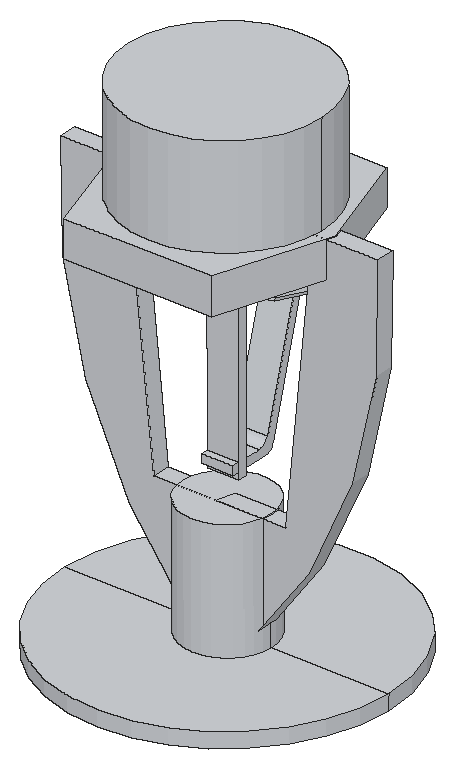
Revit family "N251BM", category Sprinklers, Revit 2018
Family settings
  Maintain Annotation Orientation = No
  Round Connector Dimension = Use Radius
  Part Type = Normal
  OmniClass Number = 23.85.30.21
  OmniClass Title = Environmental Detection/Registration
  Work Plane-Based = No
  Always vertical = Yes
  Cut with Voids When Loaded = No
  Shared = No
  Room Calculation Point = No
Parameters (values of type "RASCO N25 ESFR")
  Temperature Rating = 165 °F
  Response = Standard
  RASCO SIN # = "RA0912"
  RASCO Part # = "DB16116393"
  Pressure Rating = "175 PSI"
  Pressure Class = Standard
  Orifice Size = 1"
  Orifice = Standard
  Model = "N25 ESFR"
  Manufacturer = "RASCO"
  K-Factor = 25.2
  Diameter = 1"
  Description = "BRONZE FINISH"
  Coverage = Extended
Reference planes
  plane 1 "Center (Front/Back)": y = 0
  plane 2: z = 0
  plane 3 "Center (Left/Right)": x = 0
Nested families
  nested 1: "RASCO- N25 ESFR" at (-0.257, 39.029, 97.757) x (-1, 0, -0.0012) z (0.0012, 0, -1), type "RASCO N25 ESFR"
Connectors
  piping at (-0.257, 39.029, 97.757), diameter 25.4
    settings: on nested 1, index 1, connector inside diameter 24", connector length 0 mm, flow factor 0, pipe flow 0 GPM, pressure drop 0.00 psi, fitting loss kfactor 0, connector angle 0.00°, fixture units 0, engagement length 0 mm, angle of deflection 0.00°, flow configuration 0, flow direction 0, fitting loss method 0, system type 7, joint type 0, gender type 0, connector reference index -1, connector utility 0, adjustable connector no, is connector primary yes, connector description ""
Definition of nested family "RASCO- N25 ESFR"
  Parameters
    Type Comments = ""
    Temperature Rating = 0 °F
    Response = (empty or 0)
    Pressure Rating = "0"
    Pressure Class = (empty or 0)
    Orifice Size = 0"
    Orifice = (empty or 0)
    Model = ""
    Manufacturer = ""
    K-Factor = 0
    Description = ""
    Coverage = (empty or 0)
    Assembly Code = ""
  Reference planes
    plane 1 "Center (Front/Back)": y = 0
    plane 2: z = 0
    plane 3 "ref.2": z = 17.462
    plane 4 "ref.3": z = 23.812
    plane 5: x = -9.669
    plane 6: x = 9.381
    plane 7 "ref. side 1": y = 1.626
    plane 8 "ref. side 2": y = -1.549
    plane 9 "ref.4": z = 66.04
    plane 10 "ref.5": z = 91.44
    plane 11 "center": x = -0.146
    plane 12 "clip": through (0, 13.386, 34.566) normal (0, 0.2756, -0.9613)
  Forms (mm)
    Extrusion 1, solid
      sketch origin (0, 0, 0) x (1, 0, 0) y (0, 1, 0)
        loop
          circle (0, 0) r 16.739
      from 0 to 17.462
    Extrusion 2, solid
      sketch origin (-3.095, 1.315, 17.462) x (1, 0, 0) y (0, 1, 0)
        loop
          line (-9.592, 17.801) -> (-16.101, -1.315) -> (-9.878, -20.528) -> (15.808, -20.528) -> (21.999, -1.315) -> (15.808, 17.801) -> (-9.592, 17.801)
      from 0 to 6.35
    Extrusion 3, solid
      sketch origin (0, 0, 0) x (1, 0, 0) y (0, 0, 1)
        loop
          line (-27.768, 17.462) -> (-15.757, 17.462) -> (-15.757, 24.601)
          arc (-15.757, 24.601) -> (-14.746, 44.789) -> (-11.724, 64.775) r 202.142
          line (-11.724, 64.775) -> (11.353, 64.775)
          arc (11.353, 64.775) -> (14.394, 45.223) -> (15.411, 25.462) r 192.479
          line (15.411, 25.462) -> (15.411, 17.462) -> (27.477, 17.462)
          arc (27.477, 17.462) -> (23.052, 53.835) -> (4.571, 85.472) r 90.509
          line (4.571, 85.472) -> (-4.919, 85.472)
          arc (-4.919, 85.472) -> (-23.371, 53.828) -> (-27.768, 17.462) r 90.5
      from -1.626 to 1.549
    Extrusion 4, solid
      sketch origin (-0.051, 0, 80.327) x (-1, 0, 0) y (0, -1, 0)
        loop
          circle (0.146, -0.039) r 7.62
      from -15.553 to 11.113
    Revolve 5, solid
      sketch origin (-0.028, 0, 26.197) x (1, 0, 0) y (0, 0, 1)
        loop
          line (-4.891, 59.275) -> (-4.891, 61.894) -> (-8.874, 61.894) -> (-28.323, 61.894) -> (-28.323, 59.275) -> (-4.891, 59.275)
        axis (-0.146, 59.275) -> (-0.146, 61.894)
      angle from 0 to 360
    Extrusion 6, solid
      sketch origin (0, 0, 23.812) x (-1, 0, 0) y (0, -1, 0)
        loop
          line (-2.585, -0.724) -> (2.876, -0.724) -> (2.876, 0.788) -> (-2.585, 0.788) -> (-2.585, -0.724)
      from 0 to 36.99
    Extrusion 7, solid
      sketch origin (-0.146, 0, 0) x (0, 0, -1) y (0, -1, 0)
        loop
          line (-59.542, 2.071) -> (-59.542, -4.82)
          arc (-59.542, -4.82) -> (-59.167, -5.942) -> (-58.192, -6.612) r 1.864
          line (-58.192, -6.612) -> (-32.886, -13.868) -> (-32.467, -12.408) -> (-56.664, -5.47)
          arc (-56.664, -5.47) -> (-57.633, -4.804) -> (-58.006, -3.69) r 1.852
          line (-58.006, -3.69) -> (-58.006, 2.071) -> (-59.542, 2.071)
      from -2.73 to 2.73
    Extrusion 8, solid
      sketch origin (0, -8.141, 28.392) x (0, 0.961262, 0.275637) y (1, 0, 0)
        loop
          line (21.351, -8.656) -> (23.266, -6.741) -> (23.266, 6.239) -> (21.373, 8.132) -> (8.564, 8.132) -> (6.659, 6.227) -> (6.659, -6.761) -> (8.555, -8.656) -> (21.351, -8.656)
      from -0.484 to 0
  Cuts and joins
    joined: Extrusion 1, Extrusion 2, Revolve 5
